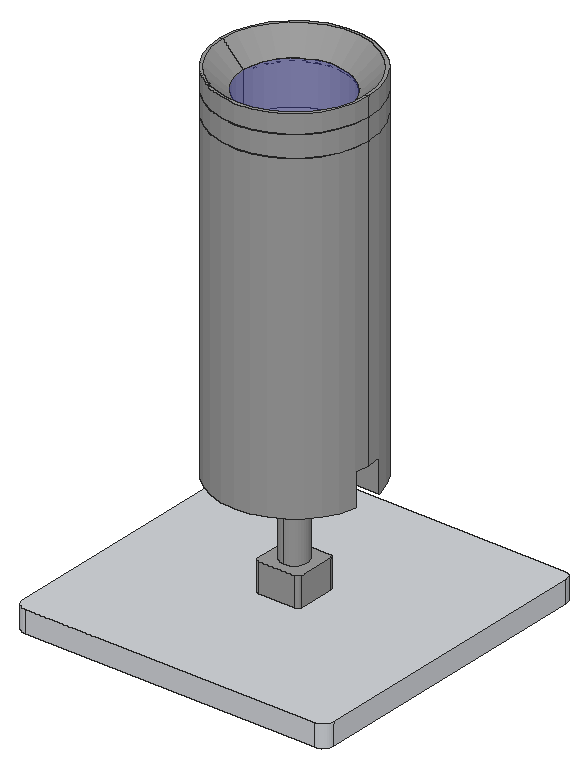
Revit family "Alcon-13313-MS-Revit-Family", category Generic Models, host Face, Revit 2025
Family settings
  Host = Face
  Can host rebar = No
  Round Connector Dimension = Use Diameter
  Part Type = Normal
  Cut with Voids When Loaded = No
  Maintain Annotation Orientation = No
  Shared = No
  Room Calculation Point = No
Parameters
  URL = "https://www.alconlighting.com/?srsltid=AfmBOooDPhGQ0dEP-X2PMtxFfvvWpIAEL4jCll_O2F4_to5onvhnBomy"
  Product Page URL = "https://www.alconlighting.com/13313-m.html"
  Model = "13313-MS"
  Manufacturer = "ALCON Lighter"
  Fixture Rotation = 90.00°
  Default Elevation = 4' - 0"
  BODY = Default
Reference planes (in)
  plane 1 "Center (Front/Back)": y = 0
  plane 2: z = 0
  plane 3 "Center (Left/Right)": x = 0
  plane 4: z = 2.57657
Forms (in)
  Extrusion 1, solid, material "Default" <- "BODY"
    sketch origin (0, 0, 0.86491) x (0, 1, 0) y (1, 0, 0)
      loop
        arc (-0.375, -0.3125) -> (-0.35669, -0.35669) -> (-0.3125, -0.375) r 0.0625
        line (-0.3125, -0.375) -> (0.3125, -0.375)
        arc (0.3125, -0.375) -> (0.35669, -0.35669) -> (0.375, -0.3125) r 0.0625
        line (0.375, -0.3125) -> (0.375, 0.3125)
        arc (0.375, 0.3125) -> (0.35669, 0.35669) -> (0.3125, 0.375) r 0.0625
        line (0.3125, 0.375) -> (-0.3125, 0.375)
        arc (-0.3125, 0.375) -> (-0.35669, 0.35669) -> (-0.375, 0.3125) r 0.0625
        line (-0.375, 0.3125) -> (-0.375, -0.3125)
    from 0 to 0.5
  Extrusion 2, solid, material "Default" <- "BODY"
    sketch origin (0, 0, 0.86491) x (0, 1, 0) y (-1, 0, 0)
      loop
        circle (0, 0) r 0.21871
    from 0 to 1.81572
  Extrusion 3, solid
    sketch origin (0, 0, 0) x (1, 0, 0) y (0, 1, 0)
      loop
        arc (-2.4875, 2.675) -> (-2.62008, 2.62008) -> (-2.675, 2.4875) r 0.1875
        line (-2.675, 2.4875) -> (-2.675, -2.4875)
        arc (-2.675, -2.4875) -> (-2.62008, -2.62008) -> (-2.4875, -2.675) r 0.1875
        line (-2.4875, -2.675) -> (2.4875, -2.675)
        arc (2.4875, -2.675) -> (2.62008, -2.62008) -> (2.675, -2.4875) r 0.1875
        line (2.675, -2.4875) -> (2.675, 2.4875)
        arc (2.675, 2.4875) -> (2.62008, 2.62008) -> (2.4875, 2.675) r 0.1875
        line (2.4875, 2.675) -> (-2.4875, 2.675)
    from 0 to 0.37109
Dimensions and locks (in)
  "Fixture Rotation": angle nested 1 to plane 4
  aligned and locked: plane 2 to host face
  aligned and locked: level to host face
Automatic sketch dimensions
  host sketch curve to host sketch curve = 8' - 0"  (x2)
  plane 1 "Center (Front/Back)" to Extrusion 1 sketch curve = 0' - 0 3/8"
  Extrusion 1 sketch curve to Extrusion 1 sketch curve = 0' - 0 1/16"  (x3)
  Extrusion 1 sketch curve to plane 1 "Center (Front/Back)" = 0' - 0 5/16"  (x2)
  plane 3 "Center (Left/Right)" to Extrusion 1 sketch curve = 0' - 0 3/8"
  Extrusion 1 sketch curve to plane 3 "Center (Left/Right)" = 0' - 0 5/16"
  Extrusion 2 sketch curve to Extrusion 1 = 0' - 0 3/8"  (x2)
  Extrusion 3 sketch curve to plane 3 "Center (Left/Right)" = 0' - 2.675"
  Extrusion 3 sketch curve to Extrusion 3 sketch curve = 0' - 0 3/16"  (x3)
  plane 3 "Center (Left/Right)" to Extrusion 3 sketch curve = 0' - 2.4875"  (x2)
  plane 1 "Center (Front/Back)" to Extrusion 3 sketch curve = 0' - 2.675"
  Extrusion 3 sketch curve to plane 1 "Center (Front/Back)" = 0' - 2.4875"
  radius of Extrusion 2 sketch curve = 0' - 0.21871"
Nested families (in)
  nested 1: "Alcon-13313-M-Linear_Cylider" at (0, 0, 2.57657) x (0, 0, -1) z (0, -1, 0), type "Alcon-13313-M-Linear_Cylider"
    with built-in parameter 1001306 0.125 (stored number, unit not read)
Definition of nested family "Alcon-13313-M-Linear_Cylider"
  Parameters (values of type "Alcon-13313-M-Linear_Cylider")
    Wattage = 9.2903 W
    built-in parameter 1150110 = 1 (stored number, unit not read)
    built-in parameter 1114217 = 1 (stored number, unit not read)
    Tilt Angle = 60.00°
    built-in parameter 1150109 = 1 (stored number, unit not read)
    built-in parameter 1150134 = 3
    built-in parameter 1150113 = 1 (stored number, unit not read)
    built-in parameter 1010507 = 1.5708 (stored number, unit not read)
    built-in parameter 1010506 = 0.5236 (stored number, unit not read)
    built-in parameter 1150105 = 4614.1 (stored number, unit not read)
    Lumens = 1380 lm
    built-in parameter 1150115 = 1 (stored number, unit not read)
    Light Source Symbol Length = 10' - 0"
    built-in parameter 1150137 = (empty or 0)
    built-in parameter 1150139 = (empty or 0)
    Lens = none
    built-in parameter 1001306 [instance] = 4' - 0"
    built-in parameter 1150112 = 1 (stored number, unit not read)
    built-in parameter 1150114 = 1 (stored number, unit not read)
    built-in parameter 1150132 = (empty or 0)
    built-in parameter 1150102 = (empty or 0)
    built-in parameter 1150107 = 3200 (stored number, unit not read)
    built-in parameter 1150138 = (empty or 0)
    built-in parameter 1150106 = 46.141 (stored number, unit not read)
    Housing = none
    built-in parameter 1150104 = 13.8 (stored number, unit not read)
    Dimming Lamp Color Temperature Shift = (empty or 0)
    Default Elevation = 0' - 0"
    Color Filter = 16777215
    built-in parameter 1114218 = 1 (stored number, unit not read)
    built-in parameter 1150133 = 10 (stored number, unit not read)
  Reference planes (in)
    plane 1 "Center (Front/Back)": y = 0
    plane 2: z = 0
    plane 3 "Left": x = 0
    plane 4 "Right": x = 48
  Forms (in)
    Revolve 1, solid, material <- "Housing"
      sketch origin (-3.14623, 0, 0) x (1, 0, 0) y (0, 1, 0)
        loop
          line (-2.71, 1.28125) -> (-2.71, 1.23509) -> (-2.35309, 0.87818) -> (-1.60702, 0.87818) -> (-1.60702, 0) -> (3.54, 0) -> (3.54, 1.28125) -> (-2.01581, 1.28125) -> (-2.01581, 1.24027) -> (-2.39574, 1.24027) -> (-2.39574, 1.28125) -> (-2.71, 1.28125)
        loop
          line (-2.38747, 1.28125) -> (-2.38747, 1.24692) -> (-2.02457, 1.24692) -> (-2.02457, 1.28125) -> (-2.38747, 1.28125)
        axis (-2.71, 0) -> (3.54, 0)
      angle from 0 to 360
    Extrusion 2, void
      sketch origin (0, 0, -0.08917) x (1, 0, 0) y (0, 0, 1)
        loop
          line (-0.159, 0.34451) -> (-0.159, -0.16617) -> (0.39377, -0.16617) -> (0.39377, 0.34451) -> (-0.159, 0.34451)
      from 0.26773 to -1.31381
    Extrusion 3, solid, material <- "Lens"
      sketch origin (-4.75326, 0, 0) x (0, 1, 0) y (0, 0, -1)
        loop
          circle (0, 0) r 0.87818
      from 0.70004 to 0.74606
  Cuts and joins
    Extrusion 2 cuts Revolve 1
  Lines and regions (in)
    reference lines
      curve 1: line (0, 0, 0) -> (48, 0, 0)
    model lines
      curve 2: line (0, 0, 0) -> (-14.65601, 0, 0)
  Dimensions and locks (in)
    "built-in parameter 1001306": plane 3 "Left" to plane 4 "Right"
    aligned and locked: plane 4 "Right" to curve 1
    aligned and locked: plane 1 "Center (Front/Back)" to curve 1
    aligned and locked: plane 3 "Left" to curve 1
    aligned and locked: level to plane 2
  Automatic sketch dimensions
    Extrusion 2 sketch curve to plane 3 "Left" = 0' - 0.159"
    Extrusion 2 sketch curve to level = 0' - 0.25534"
    plane 3 "Left" to Extrusion 2 sketch curve = 0' - 0.39377"
    level to Extrusion 2 sketch curve = 0' - 0.25534"
    plane 1 "Center (Front/Back)" to curve 2 = 0' - 0"
    curve 2 to plane 3 "Left" = 0' - 0"
    curve 2 to plane 3 "Left" = 1' - 2.65601"
    plane 1 "Center (Front/Back)" to Revolve 1 sketch curve = 0' - 0"  (x2)
    Revolve 1 sketch curve to plane 1 "Center (Front/Back)" = 0' - 1.23509"
    Revolve 1 sketch curve to plane 3 "Left" = 0' - 5.85623"
    Revolve 1 sketch curve to Revolve 1 sketch curve = 0' - 0.31426"
    Revolve 1 sketch curve to Revolve 1 sketch curve = 0' - 0.00828"
    Revolve 1 sketch curve to plane 1 "Center (Front/Back)" = 0' - 0.87818"
    Revolve 1 sketch curve to Revolve 1 sketch curve = 0' - 0.04265"
    Revolve 1 sketch curve to Revolve 1 sketch curve = 0' - 0.3629"
    Revolve 1 sketch curve to Revolve 1 sketch curve = 0' - 0.00876"
    Revolve 1 sketch curve to Revolve 1 sketch curve = 0' - 0.40879"
    plane 3 "Left" to Revolve 1 sketch curve = 0' - 0.39377"
    Revolve 1 sketch curve to Revolve 1 sketch curve = 0' - 0.3621"
    Revolve 1 sketch curve to Revolve 1 sketch curve = 0' - 0.00665"
    Revolve 1 sketch curve to Revolve 1 sketch curve = 0' - 0.03433"  (x2)
    Revolve 1 sketch curve to Revolve 1 sketch curve = 0' - 0"
    Revolve 1 sketch curve to Revolve 1 sketch curve = 0' - 1.75471"
    Revolve 1 sketch curve to plane 3 "Left" = 0' - 1.24855"
    radius of Extrusion 3 sketch curve to Revolve 1 = 0' - 0"
